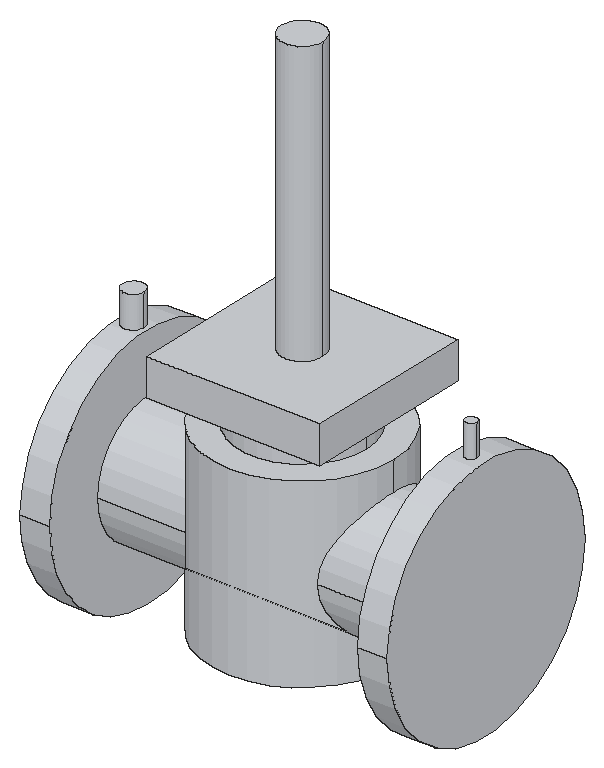
Revit family "OPTIMA_Compact_FLANGE_PN25_DN100-LF_RFA_2019", category Pipe Accessories, Revit 2019
Family settings
  Round Connector Dimension = Use Diameter
  Part Type = Valve - Breaks Into
  Work Plane-Based = No
  Always vertical = Yes
  Cut with Voids When Loaded = No
  Shared = No
Parameters (values of type "Optima Compact Flange PN25 DN100 LF")
  magiProductId = "Frese Optima Flange DN100 LF"
  magiProductFamilyId = "Frese Optima Flange *"
  magiPartTypeId = 304
  isMeasuringValve [instance] = no
  ang2D [instance] = 0.00°
  W2D = 50 mm
  VersionID = "2.0/2018.8.28.1/FRESE_OPTIMA_FLANGE_Q13_002"
  Use Minimum Symbol Size [instance] = yes
  URL = "www.hydronic.cz"
  Type Comments = "Přírubový; PN25; 0~120°C, s měřením"
  R4 = 61.25 mm
  R3 = 61.1 mm
  R1 = 87.5 mm
  QmdConnectorList = "301;D;302;D"
  Productdata [instance] = ""
  Manufacturer = "Hydronic Systems Prague s.r.o."
  MC Product Code = "53-1223 (DN100 LF; 40mm; pohon min 1000N; Qmin-dpmin 12100l/h-20.0kPa; Qmax-dpmin 68000l/h-35.0kPa; dpmax 800kPa)"
  MC Piping Given Pressure Drop [instance] = 0.0 Pa
  LF__ve = -LF  # -28 mm
  LF2 = 14 mm
  LF = 28 mm
  L4 = 164.5 mm
  L3 = 294 mm
  L2D_Min = 3048 mm
  L2D = 230 mm
  L2 = 175 mm
  H6 = 268.75 mm
  H4 = 35.25 mm
  H3 = 29.375 mm
  H2 = 88.125 mm
  H1 = 176.25 mm
  Description = "Tlakově nezávislý 2-cestný regulační vyvažovací ventil (PICV)"
  DF2 = 117.5 mm
  D = 100 mm
  CAT0 = yes
Types (14, lengths in mm): name | magiProductId | magiProductFamilyId | W2D | Type Comments | R4 | R3 | R1 | MC Product Code | LF__ve | LF2 | LF | L4 | L3 | L2D | L2 | H6 | H4 | H3 | H2 | H1 | DF2 | D
  Optima Compact Flange PN25 DN050 LF | "Frese Optima Flange DN050 LF" | "Frese Optima Flange *" | 50 | "Přírubový; PN25; 0~120°C, s měřením" | 40.3 | 42.9 | 57.5 | "53-1220 (DN50 LF; 20mm; pohon min 1000N; Qmin-dpmin 2500l/h-6.5kPa; Qmax-dpmin 15000l/h-20.0kPa; dpmax 800kPa)" | -18.4 | 9.2 | 18.4 | 108.1 | 193.2 | 230 | 115 | 157.3 | 24.8 | 20.6 | 61.9 | 123.8 | 82.5 | 50
  Optima Compact Flange PN25 DN050 HF | "Frese Optima Flange DN050 HF" | "Frese Optima Flange *" | 50 | "Přírubový; PN25; 0~120°C, s měřením" | 40.25 | 42.9 | 57.5 | "53-1230 (DN50 HF; 20mm; pohon min 1000N; Qmin-dpmin 3900l/h-19.0kPa; Qmax-dpmin 24000l/h-50.0kPa; dpmax 800kPa)" | -18.4 | 9.2 | 18.4 | 108.1 | 193.2 | 230 | 115 | 157.25 | 24.75 | 20.625 | 61.875 | 123.75 | 82.5 | 50
  Optima Compact Flange PN25 DN065 LF | "Frese Optima Flange DN065 LF" | "Frese Optima Flange *" | 50 | "Přírubový; PN25; 0~120°C, s měřením" | 50.75 | 48.1 | 72.5 | "53-1221 (DN65 LF; 20mm; pohon min 1000N; Qmin-dpmin 4400l/h-15.0kPa; Qmax-dpmin 25000l/h-25.0kPa; dpmax 800kPa)" | -23.2 | 11.6 | 23.2 | 136.3 | 243.6 | 230 | 145 | 171.25 | 27.75 | 23.125 | 69.375 | 138.75 | 92.5 | 65
  Optima Compact Flange PN25 DN065 HF | "Frese Optima Flange DN065 HF" | "Frese Optima Flange *" | 50 | "Přírubový; PN25; 0~120°C, s měřením" | 50.75 | 48.1 | 72.5 | "53-1231 (DN65 HF; 20mm; pohon min 1000N; Qmin-dpmin 6000l/h-30.0kPa; Qmax-dpmin 35000l/h-55.0kPa; dpmax 800kPa)" | -23.2 | 11.6 | 23.2 | 136.3 | 243.6 | 230 | 145 | 171.25 | 27.75 | 23.125 | 69.375 | 138.75 | 92.5 | 65
  Optima Compact Flange PN25 DN080 LF | "Frese Optima Flange DN080 LF" | "Frese Optima Flange *" | 50 | "Přírubový; PN25; 0~120°C, s měřením" | 54.25 | 52 | 77.5 | "53-1222 (DN80 LF; 20mm; pohon min 1000N; Qmin-dpmin 5300l/h-16.0kPa; Qmax-dpmin 34000l/h-25.0kPa; dpmax 800kPa)" | -24.8 | 12.4 | 24.8 | 145.7 | 260.4 | 230 | 155 | 183 | 30 | 25 | 75 | 150 | 100 | 80
  Optima Compact Flange PN25 DN080 HF | "Frese Optima Flange DN080 HF" | "Frese Optima Flange *" | 50 | "Přírubový; PN25; 0~120°C, s měřením" | 54.25 | 52 | 77.5 | "53-1232 (DN80 HF; 20mm; pohon min 1000N; Qmin-dpmin 7000l/h-23.0kPa; Qmax-dpmin 43000l/h-50.0kPa; dpmax 800kPa)" | -24.8 | 12.4 | 24.8 | 145.7 | 260.4 | 230 | 155 | 183 | 30 | 25 | 75 | 150 | 100 | 80
  Optima Compact Flange PN25 DN100 LF | "Frese Optima Flange DN100 LF" | "Frese Optima Flange *" | 50 | "Přírubový; PN25; 0~120°C, s měřením" | 61.25 | 61.1 | 87.5 | "53-1223 (DN100 LF; 40mm; pohon min 1000N; Qmin-dpmin 12100l/h-20.0kPa; Qmax-dpmin 68000l/h-35.0kPa; dpmax 800kPa)" | -28 | 14 | 28 | 164.5 | 294 | 230 | 175 | 268.75 | 35.25 | 29.375 | 88.125 | 176.25 | 117.5 | 100
  Optima Compact Flange PN25 DN100 HF | "Frese Optima Flange DN100 HF" | "Frese Optima Flange *" | 50 | "Přírubový; PN25; 0~120°C, s měřením" | 61.25 | 61.1 | 87.5 | "53-1233 (DN100 HF; 40mm; pohon min 1000N; Qmin-dpmin 14800l/h-30.0kPa; Qmax-dpmin 90000l/h-75.0kPa; dpmax 800kPa)" | -28 | 14 | 28 | 164.5 | 294 | 230 | 175 | 268.75 | 35.25 | 29.375 | 88.125 | 176.25 | 117.5 | 100
  Optima Compact Flange PN25 DN125 LF | "Frese Optima Flange DN125 LF" | "Frese Optima Flange *" | 50 | "Přírubový; PN25; 0~120°C, s měřením" | 70 | 70.2 | 100 | "53-1224 (DN125 LF; 40mm; pohon min 1000N; Qmin-dpmin 18500l/h-16.0kPa; Qmax-dpmin 110000l/h-35.0kPa; dpmax 800kPa)" | -32 | 16 | 32 | 188 | 336 | 230 | 200 | 275.5 | 40.5 | 33.75 | 101.25 | 202.5 | 135 | 125
  Optima Compact Flange PN25 DN125 HF | "Frese Optima Flange DN125 HF" | "Frese Optima Flange *" | 50 | "Přírubový; PN25; 0~120°C, s měřením" | 70 | 70.2 | 100 | "53-1234 (DN125 HF; 40mm; pohon min 1000N; Qmin-dpmin 23000l/h-27.0kPa; Qmax-dpmin 135000l/h-53.0kPa; dpmax 800kPa)" | -32 | 16 | 32 | 188 | 336 | 230 | 200 | 275.5 | 40.5 | 33.75 | 101.25 | 202.5 | 135 | 125
  Optima Compact Flange PN25 DN150 LF | "Frese Optima Flange DN150 LF" | "Frese Optima Flange *" | 50 | "Přírubový; PN25; 0~110°C, s měřením" | 84 | 74.1 | 120 | "53-1225 (DN150 LF; 43mm; pohon min 1500N; Qmin-dpmin 25600l/h-21.0kPa; Qmax-dpmin 148000l/h-35.0kPa; dpmax 800kPa)" | -38.4 | 19.2 | 38.4 | 225.6 | 403.2 | 230 | 240 | 279.25 | 42.75 | 35.625 | 106.875 | 213.75 | 142.5 | 150
  Optima Compact Flange PN25 DN150 HF | "Frese Optima Flange DN150 HF" | "Frese Optima Flange *" | 50 | "Přírubový; PN25; 0~110°C, s měřením" | 84 | 74.1 | 120 | "53-1235 (DN150 HF; 43mm; pohon min 1500N; Qmin-dpmin 32000l/h-33.0kPa; Qmax-dpmin 195000l/h-65.0kPa; dpmax 800kPa)" | -38.4 | 19.2 | 38.4 | 225.6 | 403.2 | 230 | 240 | 279.25 | 42.75 | 35.625 | 106.875 | 213.75 | 142.5 | 150
  Optima Compact Flange PN25 DN200 LF | "" | "" | 100 | "Přírubový; PN25; 0~110°C, s měřením" | 164.5 | 98.8 | 235 | "53-1226 (DN200 LF; 43mm; pohon min 1500N; Qmin-dpmin 95000l/h-11.0kPa; Qmax-dpmin 210000l/h-32.0kPa; dpmax 800kPa)" | -48 | 24 | 48 | 282 | 504 | 350 | 300 | 281 | 57 | 15 | 209 | 380 | 190 | 200
  Optima Compact Flange PN25 DN200 HF | "" | "" | 100 | "Přírubový; PN25; 0~110°C, s měřením" | 164.5 | 98.8 | 235 | "53-1236 (DN200 HF; 43mm; pohon min 1500N; Qmin-dpmin 130000l/h-31.0kPa; Qmax-dpmin 280000l/h-78.0kPa; dpmax 800kPa)" | -48 | 24 | 48 | 282 | 504 | 350 | 300 | 281 | 57 | 15 | 209 | 380 | 190 | 200
Reference planes
  plane 1 "Center (Front/Back)": y = 0
  plane 2 "XYPLANE": z = 0
  plane 3 "Center (Left/Right)": x = 0
  plane 4 "157": x = 161
  plane 5 "156": x = -161
  plane 6 "155": z = 117.5
  plane 7 "154": z = 152.75
  plane 8 "153": z = 117.5
  plane 9 "152": z = 88.125
  plane 10 "151": x = -147
  plane 11 "150": z = -88.125
  plane 12 "149": x = 0
  plane 13 "148": y = 0
  plane 14 "147": z = 0
  plane 15 "146": x = -175
  plane 16 "145": x = 175
Forms (mm)
  Extrusion 1, solid, visible <- "CAT0"
    sketch origin (-750, 0, 117.5) x (1, 0, 0) y (0, 1, 0)
      loop
        circle (911, 0) r 5.5
    from 0 to 30
  Extrusion 2, solid, visible <- "CAT0"
    sketch origin (-750, 0, 117.5) x (1, 0, 0) y (0, 1, 0)
      loop
        circle (589, 0) r 10.3
    from 0 to 30
  Extrusion 3, solid, visible <- "CAT0"
    sketch origin (-750, 0, 152.75) x (1, 0, 0) y (0, 1, 0)
      loop
        circle (750, 0) r 20
    from 0 to 268.75 <- "H6"
  Extrusion 4, solid, visible <- "CAT0"
    sketch origin (-750, 0, 117.5) x (1, 0, 0) y (0, 1, 0)
      loop
        line (832.25, 82.25) -> (667.75, 82.25) -> (667.75, -82.25) -> (832.25, -82.25) -> (832.25, 82.25)
    from 0 to 35.25 <- "H4"
  Extrusion 5, solid, visible <- "CAT0"
    sketch origin (-750, 0, 88.125) x (1, 0, 0) y (0, 1, 0)
      loop
        circle (750, 0) r 61.25
    from 0 to 29.375 <- "H3"
  Extrusion 6, solid, visible <- "CAT0"
    sketch origin (-147, -750, 0) x (0, 1, 0) y (0, 0, 1)
      loop
        circle (750, 0) r 61.1
    from 0 to 294 <- "L3"
  Extrusion 7, solid, visible <- "CAT0"
    sketch origin (-750, 0, -88.125) x (1, 0, 0) y (0, 1, 0)
      loop
        circle (750, 0) r 87.5
    from 0 to 176.25 <- "H1"
  Extrusion 8, solid, visible <- "CAT0"
    sketch origin (-175, -750, 0) x (0, 1, 0) y (0, 0, 1)
      loop
        circle (750, 0) r 117.5
    from 0 to 28 <- "LF"
  Extrusion 9, solid, visible <- "CAT0"
    sketch origin (175, -750, 0) x (0, 1, 0) y (0, 0, 1)
      loop
        circle (750, 0) r 117.5
    from 0 to -28 <- "LF__ve"
  Extrusion 10, solid, not visible
    sketch origin (-175, -750, 0) x (0, 1, 0) y (0, 0, 1)
      loop
        circle (750, 0) r 10
    from 0 to 10
  Extrusion 11, solid, not visible
    sketch origin (175, -750, 0) x (0, 1, 0) y (0, 0, 1)
      loop
        circle (750, 0) r 10
    from 0 to -10
Lines and regions (mm)
  reference lines, not visible
    curve 1: circle (2, 2, 0) r 1 normal (0, 0, 1)
  reference lines
    curve 2: circle (0, 0, 117.5) r 1 normal (0, 0, 1)
Dimensions and locks
  plane 1 "Center (Front/Back)" to curve 1 = 2 mm
  "LF2": plane 16 "145" to plane 4 "157"
  "LF2": plane 15 "146" to plane 5 "156"
  "DF2": plane 2 "XYPLANE" to plane 6 "155"
  "H4": plane 8 "153" to plane 7 "154"
  "H3": plane 9 "152" to plane 8 "153"
  "H1": plane 11 "150" to plane 9 "152"
  "LF": plane 15 "146" to plane 10 "151"
  "H2": plane 2 "XYPLANE" to plane 11 "150"
  locked: plane 3 "Center (Left/Right)" to plane 12 "149"
  locked: plane 1 "Center (Front/Back)" to plane 13 "148"
  locked: plane 2 "XYPLANE" to plane 14 "147"
  "L2": plane 3 "Center (Left/Right)" to plane 15 "146"
  "L2": plane 3 "Center (Left/Right)" to plane 16 "145"
  equal spacing: Extrusion 4 sketch curve, curve 2, Extrusion 4 sketch curve  (x2)
  "L4": Extrusion 4 sketch curve to Extrusion 4 sketch curve  (x2)
  Extrusion 4 sketch curve to Extrusion 4 sketch curve = 0 mm  (x8)
  "R4": radius of Extrusion 5 sketch curve
  "R3": radius of Extrusion 6 sketch curve
  "R1": radius of Extrusion 7 sketch curve
  "DF2": radius of Extrusion 8 sketch curve
  "DF2": radius of Extrusion 9 sketch curve
  aligned and locked: level to plane 2 "XYPLANE"
  aligned and locked: plane 4 "157" to Extrusion 1 sketch curve
  aligned and locked: plane 13 "148" to Extrusion 1 sketch curve
  aligned and locked: plane 5 "156" to Extrusion 2 sketch curve
  aligned and locked: plane 13 "148" to Extrusion 2 sketch curve
  aligned and locked: plane 12 "149" to Extrusion 3 sketch curve
  aligned and locked: plane 13 "148" to Extrusion 3 sketch curve
  aligned and locked: plane 12 "149" to curve 2
  aligned and locked: plane 13 "148" to curve 2
  aligned and locked: plane 12 "149" to Extrusion 5 sketch curve
  aligned and locked: plane 13 "148" to Extrusion 5 sketch curve
  aligned and locked: Extrusion 6 sketch curve to plane 13 "148"
  aligned and locked: plane 14 "147" to Extrusion 6 sketch curve
  aligned and locked: plane 12 "149" to Extrusion 7 sketch curve
  aligned and locked: plane 13 "148" to Extrusion 7 sketch curve
  aligned and locked: Extrusion 8 sketch curve to plane 13 "148"
  aligned and locked: plane 14 "147" to Extrusion 8 sketch curve
  aligned and locked: Extrusion 9 sketch curve to plane 13 "148"
  aligned and locked: plane 14 "147" to Extrusion 9 sketch curve
  aligned and locked: Extrusion 10 sketch curve to plane 13 "148"
  aligned and locked: plane 14 "147" to Extrusion 10 sketch curve
  aligned and locked: Extrusion 11 sketch curve to plane 13 "148"
  aligned and locked: plane 14 "147" to Extrusion 11 sketch curve
Automatic sketch dimensions
  Extrusion 1 sketch curve to plane 4 "157" = 5.5 mm
  plane 15 "146" to Extrusion 2 sketch curve = 3.7 mm
  Extrusion 3 sketch curve to plane 3 "Center (Left/Right)" = 20 mm
  plane 1 "Center (Front/Back)" to Extrusion 10 sketch curve = 10 mm
  plane 1 "Center (Front/Back)" to Extrusion 11 sketch curve = 10 mm
  plane 3 "Center (Left/Right)" to curve 1 = 2 mm
  plane 10 "151" to Extrusion 4 sketch curve = 64.75 mm
  plane 1 "Center (Front/Back)" to Extrusion 4 sketch curve = 82.25 mm
  radius of curve 2 = 1 mm
  radius of curve 1 = 1 mm
Connectors
  piping at (-175, 0, 0), diameter 100, driven by "D"
    settings: on Extrusion 10, index 1, connector inside diameter 609.6 mm, connector length 0 mm, flow factor 0, pipe flow 0.0 L/s, pressure drop 0.0 Pa, fitting loss kfactor 0, connector angle 0.00°, fixture units 0, engagement length 0 mm, angle of deflection 0.00°, flow configuration 0, flow direction 0, fitting loss method 0, system type 29, joint type 0, gender type 0, connector reference index 2, connector utility 0, adjustable connector no, is connector primary yes, connector description ""
  piping at (175, 0, 0), diameter 100, driven by "D"
    settings: on Extrusion 11, index 2, connector inside diameter 609.6 mm, connector length 0 mm, flow factor 0, pipe flow 0.0 L/s, pressure drop 0.0 Pa, fitting loss kfactor 0, connector angle 0.00°, fixture units 0, engagement length 0 mm, angle of deflection 0.00°, flow configuration 0, flow direction 0, fitting loss method 0, system type 29, joint type 0, gender type 0, connector reference index 1, connector utility 0, adjustable connector no, is connector primary no, connector description ""
